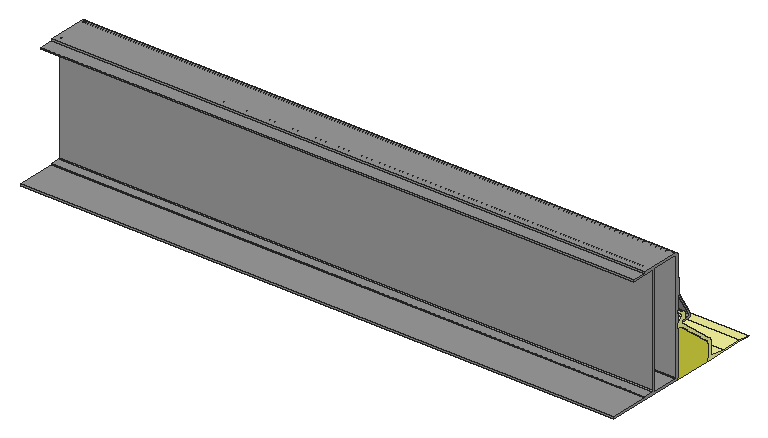
Revit family "HT S 150", category Generic Models, Revit 2014
Parameters (values of type "Max lintel length 3600mm")
  URL = "http://www.keystonelintels.co.uk"
  Structural Opening [instance] = 900 mm
  Structural Performance = "The Keystone lintel range has safe working loads as detailed in each applicable loading table in the Keystone Lintel Guide brochure. The structural performance figures within each table have been ascertained by testing in accordance with the requirements of standards BS EN 5977-2: 1983 and BS EN 845-2: 2003."
  RIBA Productor Selector = "available for Keystone Lintels Ltd from Keystone Lintels Ltd from ribaproductselector.com"
  Model = "HT/S 150"
  Min Length = 600 mm
  Min Clear Span = 300 mm
  Max Length = 3600 mm
  Max Clear Span = 3600 mm
  Material - Stainless Steel = "Grade 304 2b 1.4307 to BS EN 10088-2. Other grades available on request: contact manufacturer."
  Material - Galvanised Steel = "To BS EN 10346: 2009. DX51D plus Z600 or grade Z275 to BS 5977-2: 1983 (BS EN 845-2: 2003)."
  Manufacturer = "Keystone"
  Manufactured Length [instance] = (roundup(Effective Length / 150 mm) * 150 mm)  # 1200 mm
  Lintel height [instance] = 2100 mm
  Keynote = "F30/755"
  Fire Performance = "Keystone lintels have been subjected to a fire test (WARRES No. 101263) in accordance with BS 476-20: 1987, at Exova Warrington Fire and achieved a one hour fire performance."
  End Bearing = 150 mm
  Effective Length [instance] = Clear Opening with MIN MAX set + End Bearing * 2  # 1200 mm
  Corrosion = "Keystone’s standard range of lintels are manufactured from high quality grade pre-galvanized carbon steel with a zinc coating of 600"
  Contact Tel = "+44 (0)28 8676 2184"
  Contact Email = "info@keystonelintels.co.uk"
  Clear Opening with MIN MAX set [instance] = if(Structural Opening < Min Clear Span, Min Clear Span, (if(Structural Opening > Max Clear Span, Max Clear Span, Structural Opening)))  # 900 mm
  CPD Information = "Available for Keystone Lintels Ltd from ribacpd.com"
Reference planes
  plane 1 "Center (Front/Back)": y = 0
  plane 2: z = 0
  plane 3 "Center (Left/Right)": x = 0
  plane 4: x = -600
  plane 5: x = 600
  plane 6: z = 2100
  plane 7: x = -450
  plane 8: x = 450
Forms (mm)
  Extrusion 1, solid, material "Steel"
    sketch origin (0, 684.469, -495.729) x (0, 1, 0) y (0, 0, 1)
      loop
        line (-887.123, 2595.729) -> (-729.726, 2595.729)
        arc (-729.726, 2595.729) -> (-726.897, 2596.901) -> (-725.726, 2599.729) r 4
        line (-725.726, 2599.729) -> (-725.726, 2749.226) -> (-696.598, 2701.666)
        arc (-696.598, 2701.666) -> (-696.424, 2698.574) -> (-699.077, 2696.976) r 3
        line (-699.077, 2696.976) -> (-715.841, 2696.976) -> (-715.841, 2694.476) -> (-699.077, 2694.476)
        arc (-699.077, 2694.476) -> (-694.231, 2697.375) -> (-694.494, 2703.016) r 5.5
        line (-694.494, 2703.016) -> (-723.226, 2750.168) -> (-723.226, 2777.915) -> (-725.726, 2777.915) -> (-725.726, 2822.729)
        arc (-725.726, 2822.729) -> (-726.897, 2825.557) -> (-729.726, 2826.729) r 4
        line (-729.726, 2826.729) -> (-807.998, 2826.729) -> (-807.998, 2823.429) -> (-835.073, 2823.429) -> (-835.073, 2821.429) -> (-789.099, 2821.429)
        arc (-789.099, 2821.429) -> (-787.685, 2820.843) -> (-787.099, 2819.429) r 2
        line (-787.099, 2819.429) -> (-787.099, 2603.029)
        arc (-787.099, 2603.029) -> (-787.685, 2601.615) -> (-789.099, 2601.029) r 2
        line (-789.099, 2601.029) -> (-808.002, 2601.029) -> (-808.002, 2599.029) -> (-887.123, 2599.029) -> (-887.123, 2595.729)
      loop
        line (-729.026, 2600.229) -> (-729.026, 2822.229)
        arc (-729.026, 2822.229) -> (-729.377, 2823.078) -> (-730.226, 2823.429) r 1.2
        line (-730.226, 2823.429) -> (-789.099, 2823.429)
        arc (-789.099, 2823.429) -> (-786.282, 2822.269) -> (-785.099, 2819.461) r 4
        line (-785.099, 2819.461) -> (-785.099, 2603.029)
        arc (-785.099, 2603.029) -> (-786.271, 2600.201) -> (-789.099, 2599.029) r 4
        line (-789.099, 2599.029) -> (-730.226, 2599.029)
        arc (-730.226, 2599.029) -> (-729.377, 2599.38) -> (-729.026, 2600.229) r 1.2
    from -600 to 600
  Extrusion 2, solid, material "GRP"
    sketch origin (0, 684.469, -495.729) x (0, 1, 0) y (0, 0, 1)
      loop
        line (-567.492, 2595.729) -> (-547.139, 2593.753) -> (-546.85, 2596.739) -> (-567.347, 2598.729) -> (-608.932, 2598.729) -> (-639.622, 2602.188)
        arc (-639.622, 2602.188) -> (-641.553, 2603.158) -> (-642.331, 2605.174) r 3
        line (-642.331, 2605.174) -> (-642.331, 2628.455)
        arc (-642.331, 2628.455) -> (-643.294, 2632.736) -> (-645.997, 2636.192) r 10
        line (-645.997, 2636.192) -> (-715.248, 2692.889)
        arc (-715.248, 2692.889) -> (-715.8, 2693.482) -> (-716.173, 2694.201) r 3
        line (-716.173, 2694.201) -> (-716.173, 2698.21) -> (-708.212, 2698.21) -> (-708.212, 2708.634)
        arc (-708.212, 2708.634) -> (-709.246, 2712.295) -> (-712.042, 2714.875) r 7
        line (-712.042, 2714.875) -> (-725.658, 2721.792)
        arc (-725.658, 2721.792) -> (-726.714, 2721.697) -> (-727.092, 2720.706) r 1
        line (-727.092, 2720.706) -> (-726.131, 2715.863) -> (-716.896, 2711.172)
        arc (-716.896, 2711.172) -> (-715.029, 2708.626) -> (-715.971, 2705.613) r 3.5
        line (-715.971, 2705.613) -> (-725.131, 2696.181) -> (-725.131, 2690.589)
        arc (-725.131, 2690.589) -> (-724.546, 2689.175) -> (-723.131, 2688.589) r 2
        line (-723.131, 2688.589) -> (-718.557, 2688.589)
        arc (-718.557, 2688.589) -> (-684.469, 2662.53) -> (-652.412, 2634.009) r 576.819
        arc (-652.412, 2634.009) -> (-647.543, 2626.785) -> (-646.309, 2618.161) r 19.484
        line (-646.309, 2618.161) -> (-647.35, 2605.677) -> (-647.35, 2598.729)
        arc (-647.35, 2598.729) -> (-648.885, 2597.229) -> (-647.35, 2595.729) r 1.5
        line (-647.35, 2595.729) -> (-567.492, 2595.729)
    from -600 to 600
  Extrusion 3, solid, material "Insulation"
    sketch origin (0, 684.469, -495.729) x (0, 1, 0) y (0, 0, 1)
      loop
        line (-729.726, 2595.729) -> (-647.35, 2595.729)
        arc (-647.35, 2595.729) -> (-648.885, 2597.229) -> (-647.35, 2598.729) r 1.5
        line (-647.35, 2598.729) -> (-647.35, 2605.677) -> (-646.309, 2618.161)
        arc (-646.309, 2618.161) -> (-647.543, 2626.785) -> (-652.412, 2634.009) r 19.484
        arc (-652.412, 2634.009) -> (-684.469, 2662.53) -> (-718.557, 2688.589) r 576.819
        line (-718.557, 2688.589) -> (-725.726, 2688.589) -> (-725.726, 2599.729)
        arc (-725.726, 2599.729) -> (-726.897, 2596.901) -> (-729.726, 2595.729) r 4
    from -600 to 600
  Extrusion 4, solid, not visible
    sketch origin (0, 910.279, 1257.127) x (0, 1, 0) y (0, 0, 1)
      loop
        line (-567.492, 995.729) -> (-547.139, 993.753) -> (-546.85, 996.739) -> (-567.347, 998.729) -> (-608.932, 998.781) -> (-639.622, 1002.188)
        arc (-639.622, 1002.188) -> (-641.553, 1003.158) -> (-642.331, 1005.174) r 3
        line (-642.331, 1005.174) -> (-642.331, 1028.455)
        arc (-642.331, 1028.455) -> (-643.294, 1032.736) -> (-645.997, 1036.192) r 10
        line (-645.997, 1036.192) -> (-715.248, 1092.889)
        arc (-715.248, 1092.889) -> (-715.8, 1093.482) -> (-716.173, 1094.201) r 3
        line (-716.173, 1094.201) -> (-716.173, 1098.21) -> (-708.212, 1098.21) -> (-708.212, 1108.634)
        arc (-708.212, 1108.634) -> (-709.246, 1112.295) -> (-712.042, 1114.875) r 7
        line (-712.042, 1114.875) -> (-725.658, 1121.792)
        arc (-725.658, 1121.792) -> (-726.714, 1121.697) -> (-727.092, 1120.706) r 1
        line (-727.092, 1120.706) -> (-726.131, 1115.863) -> (-716.896, 1111.172)
        arc (-716.896, 1111.172) -> (-715.029, 1108.626) -> (-715.971, 1105.613) r 3.5
        line (-715.971, 1105.613) -> (-725.131, 1096.181) -> (-725.131, 1090.589)
        arc (-725.131, 1090.589) -> (-724.546, 1089.175) -> (-723.131, 1088.589) r 2
        line (-723.131, 1088.589) -> (-718.557, 1088.589)
        arc (-718.557, 1088.589) -> (-684.469, 1062.53) -> (-652.412, 1034.009) r 576.819
        arc (-652.412, 1034.009) -> (-647.543, 1026.785) -> (-646.309, 1018.161) r 19.484
        line (-646.309, 1018.161) -> (-647.35, 1005.677) -> (-647.35, 998.729)
        arc (-647.35, 998.729) -> (-648.885, 997.229) -> (-647.35, 995.729) r 1.5
        line (-647.35, 995.729) -> (-567.492, 995.729)
    from 0 to 250
  Extrusion 5, solid, not visible
    sketch origin (0, 575.311, 1208.058) x (0, 1, 0) y (0, 0, 1)
      loop
        line (-887.123, 995.729) -> (-729.726, 995.729)
        arc (-729.726, 995.729) -> (-726.897, 996.901) -> (-725.726, 999.729) r 4
        line (-725.726, 999.729) -> (-725.726, 1149.226) -> (-696.598, 1101.666)
        arc (-696.598, 1101.666) -> (-696.424, 1098.574) -> (-699.077, 1096.976) r 3
        line (-699.077, 1096.976) -> (-715.841, 1096.976) -> (-715.841, 1094.476) -> (-699.077, 1094.476)
        arc (-699.077, 1094.476) -> (-694.231, 1097.375) -> (-694.494, 1103.016) r 5.5
        line (-694.494, 1103.016) -> (-723.226, 1150.168) -> (-723.226, 1177.915) -> (-725.726, 1177.915) -> (-725.726, 1222.729)
        arc (-725.726, 1222.729) -> (-726.897, 1225.557) -> (-729.726, 1226.729) r 4
        line (-729.726, 1226.729) -> (-807.998, 1226.729) -> (-807.998, 1223.429) -> (-835.073, 1223.429) -> (-835.073, 1221.429) -> (-789.099, 1221.429)
        arc (-789.099, 1221.429) -> (-787.685, 1220.843) -> (-787.099, 1219.429) r 2
        line (-787.099, 1219.429) -> (-787.099, 1003.029)
        arc (-787.099, 1003.029) -> (-787.685, 1001.615) -> (-789.099, 1001.029) r 2
        line (-789.099, 1001.029) -> (-808.002, 1001.029) -> (-808.002, 999.029) -> (-887.123, 999.029) -> (-887.123, 995.729)
      loop
        line (-729.026, 1000.229) -> (-729.026, 1222.229)
        arc (-729.026, 1222.229) -> (-729.377, 1223.078) -> (-730.226, 1223.429) r 1.2
        line (-730.226, 1223.429) -> (-789.099, 1223.429)
        arc (-789.099, 1223.429) -> (-786.282, 1222.269) -> (-785.099, 1219.461) r 4
        line (-785.099, 1219.461) -> (-785.099, 1003.029)
        arc (-785.099, 1003.029) -> (-786.271, 1000.201) -> (-789.099, 999.029) r 4
        line (-789.099, 999.029) -> (-730.226, 999.029)
        arc (-730.226, 999.029) -> (-729.377, 999.38) -> (-729.026, 1000.229) r 1.2
    from 0 to 250
  Extrusion 6, solid, not visible
    sketch origin (0, 947.689, 897.181) x (0, 1, 0) y (0, 0, 1)
      loop
        line (-729.726, 995.729) -> (-647.35, 995.729)
        arc (-647.35, 995.729) -> (-648.885, 997.229) -> (-647.35, 998.729) r 1.5
        line (-647.35, 998.729) -> (-647.35, 1005.677) -> (-646.309, 1018.161)
        arc (-646.309, 1018.161) -> (-647.543, 1026.785) -> (-652.412, 1034.009) r 19.484
        arc (-652.412, 1034.009) -> (-684.469, 1062.53) -> (-718.557, 1088.589) r 576.819
        line (-718.557, 1088.589) -> (-725.726, 1088.589) -> (-725.726, 999.729)
        arc (-725.726, 999.729) -> (-726.897, 996.901) -> (-729.726, 995.729) r 4
    from 0 to 250
Dimensions and locks
  equal spacing: plane 4, plane 3 "Center (Left/Right)", plane 5
  "Manufactured Length": plane 4 to plane 5
  "Lintel height": plane 6 to level
  "Structural Opening": plane 7 to plane 8
  equal spacing: plane 7, plane 3 "Center (Left/Right)", plane 8
  aligned and locked: level to plane 2
  aligned and locked: Extrusion 2 to plane 6
  aligned and locked: Extrusion 3 to plane 6
  aligned and locked: Extrusion 1 to plane 6
  aligned and locked: plane 5 to Extrusion 1
  aligned and locked: Extrusion 1 to plane 4
  aligned and locked: plane 5 to Extrusion 2
  aligned and locked: Extrusion 2 to plane 4
  aligned and locked: plane 5 to Extrusion 3
  aligned and locked: Extrusion 3 to plane 4
Automatic sketch dimensions
  Extrusion 1 sketch curve to Extrusion 1 sketch curve = 157.397 mm
  Extrusion 1 sketch curve to Extrusion 1 sketch curve = 3.3 mm  (x2)
  Extrusion 1 sketch curve to Extrusion 1 sketch curve = 0.7 mm  (x2)
  Extrusion 1 sketch curve to Extrusion 1 sketch curve = 0.5 mm  (x3)
  Extrusion 1 sketch curve to Extrusion 1 sketch curve = 77.777 mm
  Extrusion 1 sketch curve to Extrusion 1 sketch curve = 2 mm  (x6)
  Extrusion 1 sketch curve to Extrusion 1 sketch curve = 18.903 mm
  Extrusion 1 sketch curve to Extrusion 1 sketch curve = 0.032 mm
  Extrusion 1 sketch curve to Extrusion 1 sketch curve = 0 mm  (x12)
  Extrusion 1 sketch curve to Extrusion 1 sketch curve = 78.277 mm
  Extrusion 1 sketch curve to Extrusion 1 sketch curve = 94.247 mm
  Extrusion 1 sketch curve to Extrusion 1 sketch curve = 2.5 mm  (x3)
  Extrusion 1 sketch curve to Extrusion 1 sketch curve = 16.764 mm
  Extrusion 1 sketch curve to Extrusion 1 sketch curve = 0.001 mm  (x2)
  Extrusion 1 sketch curve to Extrusion 1 sketch curve = 2.479 mm
  Extrusion 1 sketch curve to Extrusion 1 sketch curve = 1.69 mm
  Extrusion 1 sketch curve to Extrusion 1 sketch curve = 9.884 mm
  Extrusion 1 sketch curve to Extrusion 1 sketch curve = 2.104 mm
  Extrusion 1 sketch curve to Extrusion 1 sketch curve = 52.25 mm
  Extrusion 1 sketch curve to Extrusion 1 sketch curve = 0.941 mm
  Extrusion 1 sketch curve to Extrusion 1 sketch curve = 27.747 mm
  Extrusion 1 sketch curve to Extrusion 1 sketch curve = 73.502 mm
  Extrusion 1 sketch curve to Extrusion 1 sketch curve = 1.2 mm
  Extrusion 1 sketch curve to Extrusion 1 sketch curve = 45.974 mm
  Extrusion 1 sketch curve to Extrusion 1 sketch curve = 18.899 mm
  Extrusion 1 sketch curve to Extrusion 1 sketch curve = 4 mm
  Extrusion 2 sketch curve to Extrusion 2 sketch curve = 20.353 mm
  Extrusion 2 sketch curve to Extrusion 2 sketch curve = 0.29 mm
  Extrusion 2 sketch curve to Extrusion 2 sketch curve = 1.976 mm
  Extrusion 2 sketch curve to Extrusion 2 sketch curve = 2.986 mm  (x2)
  Extrusion 2 sketch curve to Extrusion 2 sketch curve = 0.145 mm
  Extrusion 2 sketch curve to Extrusion 2 sketch curve = 3 mm  (x3)
  Extrusion 2 sketch curve to Extrusion 2 sketch curve = 79.857 mm
  Extrusion 2 sketch curve to Extrusion 2 sketch curve = 38.418 mm
  Extrusion 2 sketch curve to Extrusion 2 sketch curve = 7.727 mm
  Extrusion 2 sketch curve to Extrusion 2 sketch curve = 6.459 mm
  Extrusion 2 sketch curve to Extrusion 2 sketch curve = 0.035 mm  (x2)
  Extrusion 2 sketch curve to Extrusion 2 sketch curve = 1.5 mm
  Extrusion 2 sketch curve to Extrusion 2 sketch curve = 6.948 mm
  Extrusion 2 sketch curve to Extrusion 2 sketch curve = 0.291 mm
  Extrusion 2 sketch curve to Extrusion 2 sketch curve = 23.281 mm
  Extrusion 2 sketch curve to Extrusion 2 sketch curve = 3.978 mm
  Extrusion 2 sketch curve to Extrusion 2 sketch curve = 10.293 mm
  Extrusion 2 sketch curve to Extrusion 2 sketch curve = 19.416 mm
  Extrusion 2 sketch curve to Extrusion 2 sketch curve = 1.622 mm
  Extrusion 2 sketch curve to Extrusion 2 sketch curve = 10.081 mm
  Extrusion 2 sketch curve to Extrusion 2 sketch curve = 0.081 mm
  Extrusion 2 sketch curve to Extrusion 2 sketch curve = 6.415 mm
  Extrusion 2 sketch curve to Extrusion 2 sketch curve = 404.24 mm
  Extrusion 2 sketch curve to Extrusion 2 sketch curve = 378.106 mm
  Extrusion 2 sketch curve to Extrusion 2 sketch curve = 66.145 mm
  Extrusion 2 sketch curve to Extrusion 2 sketch curve = 3.308 mm
  Extrusion 2 sketch curve to Extrusion 2 sketch curve = 4.3 mm
  Extrusion 2 sketch curve to Extrusion 2 sketch curve = 4.575 mm
  Extrusion 2 sketch curve to Extrusion 2 sketch curve = 2 mm
  Extrusion 2 sketch curve to Extrusion 2 sketch curve = 5.592 mm
  Extrusion 2 sketch curve to Extrusion 2 sketch curve = 0.722 mm
  Extrusion 2 sketch curve to Extrusion 2 sketch curve = 12.724 mm
  Extrusion 2 sketch curve to Extrusion 2 sketch curve = 1.9 mm
  Extrusion 2 sketch curve to Extrusion 2 sketch curve = 2.321 mm
  Extrusion 2 sketch curve to Extrusion 2 sketch curve = 0.925 mm
  Extrusion 2 sketch curve to Extrusion 2 sketch curve = 5.136 mm
  Extrusion 2 sketch curve to Extrusion 2 sketch curve = 3.021 mm
  Extrusion 2 sketch curve to Extrusion 2 sketch curve = 2.511 mm
  Extrusion 2 sketch curve to Extrusion 2 sketch curve = 2.438 mm
  Extrusion 2 sketch curve to Extrusion 2 sketch curve = 1.585 mm
  Extrusion 2 sketch curve to Extrusion 2 sketch curve = 1.684 mm
  Extrusion 2 sketch curve to Extrusion 2 sketch curve = 4.854 mm
  Extrusion 2 sketch curve to Extrusion 2 sketch curve = 8.762 mm
  Extrusion 2 sketch curve to Extrusion 2 sketch curve = 10.62 mm
  Extrusion 2 sketch curve to Extrusion 2 sketch curve = 0.474 mm
  Extrusion 2 sketch curve to Extrusion 2 sketch curve = 5.928 mm
  Extrusion 2 sketch curve to Extrusion 2 sketch curve = 1.434 mm
  Extrusion 2 sketch curve to Extrusion 2 sketch curve = 1.086 mm
  Extrusion 2 sketch curve to Extrusion 2 sketch curve = 0.453 mm
  Extrusion 3 sketch curve to Extrusion 3 sketch curve = 0.035 mm  (x2)
  Extrusion 3 sketch curve to Extrusion 3 sketch curve = 1.5 mm
  Extrusion 3 sketch curve to Extrusion 3 sketch curve = 6.948 mm
  Extrusion 3 sketch curve to Extrusion 3 sketch curve = 1.04 mm
  Extrusion 3 sketch curve to Extrusion 3 sketch curve = 12.485 mm
  Extrusion 3 sketch curve to Extrusion 3 sketch curve = 19.416 mm
  Extrusion 3 sketch curve to Extrusion 3 sketch curve = 1.622 mm
  Extrusion 3 sketch curve to Extrusion 3 sketch curve = 6.103 mm
  Extrusion 3 sketch curve to Extrusion 3 sketch curve = 321.864 mm
  Extrusion 3 sketch curve to Extrusion 3 sketch curve = 378.106 mm
  Extrusion 3 sketch curve to Extrusion 3 sketch curve = 66.145 mm
  Extrusion 3 sketch curve to Extrusion 3 sketch curve = 0 mm
  Extrusion 3 sketch curve to Extrusion 3 sketch curve = 4 mm  (x2)
  Extrusion 3 sketch curve to Extrusion 3 sketch curve = 7.169 mm
  Extrusion 4 sketch curve to Extrusion 4 sketch curve = 20.353 mm
  Extrusion 4 sketch curve to Extrusion 4 sketch curve = 0.29 mm
  Extrusion 4 sketch curve to Extrusion 4 sketch curve = 1.976 mm
  Extrusion 4 sketch curve to Extrusion 4 sketch curve = 2.986 mm  (x2)
  Extrusion 4 sketch curve to Extrusion 4 sketch curve = 0.145 mm
  Extrusion 4 sketch curve to Extrusion 4 sketch curve = 3 mm  (x2)
  Extrusion 4 sketch curve to Extrusion 4 sketch curve = 79.857 mm
  Extrusion 4 sketch curve to Extrusion 4 sketch curve = 38.418 mm
  Extrusion 4 sketch curve to Extrusion 4 sketch curve = 3.052 mm
  Extrusion 4 sketch curve to Extrusion 4 sketch curve = 7.727 mm
  Extrusion 4 sketch curve to Extrusion 4 sketch curve = 6.459 mm
  Extrusion 4 sketch curve to Extrusion 4 sketch curve = 0.035 mm  (x2)
  Extrusion 4 sketch curve to Extrusion 4 sketch curve = 1.5 mm
  Extrusion 4 sketch curve to Extrusion 4 sketch curve = 6.948 mm
  Extrusion 4 sketch curve to Extrusion 4 sketch curve = 0.291 mm
  Extrusion 4 sketch curve to Extrusion 4 sketch curve = 23.281 mm
  Extrusion 4 sketch curve to Extrusion 4 sketch curve = 3.978 mm
  Extrusion 4 sketch curve to Extrusion 4 sketch curve = 10.293 mm
  Extrusion 4 sketch curve to Extrusion 4 sketch curve = 19.416 mm
  Extrusion 4 sketch curve to Extrusion 4 sketch curve = 1.622 mm
  Extrusion 4 sketch curve to Extrusion 4 sketch curve = 10.081 mm
  Extrusion 4 sketch curve to Extrusion 4 sketch curve = 0.081 mm
  Extrusion 4 sketch curve to Extrusion 4 sketch curve = 6.415 mm
  Extrusion 4 sketch curve to Extrusion 4 sketch curve = 404.24 mm
  Extrusion 4 sketch curve to Extrusion 4 sketch curve = 378.106 mm
  Extrusion 4 sketch curve to Extrusion 4 sketch curve = 66.145 mm
  Extrusion 4 sketch curve to Extrusion 4 sketch curve = 3.308 mm
  Extrusion 4 sketch curve to Extrusion 4 sketch curve = 4.3 mm
  Extrusion 4 sketch curve to Extrusion 4 sketch curve = 4.575 mm
  Extrusion 4 sketch curve to Extrusion 4 sketch curve = 2 mm
  Extrusion 4 sketch curve to Extrusion 4 sketch curve = 5.592 mm
  Extrusion 4 sketch curve to Extrusion 4 sketch curve = 0.722 mm
  Extrusion 4 sketch curve to Extrusion 4 sketch curve = 12.724 mm
  Extrusion 4 sketch curve to Extrusion 4 sketch curve = 1.9 mm
  Extrusion 4 sketch curve to Extrusion 4 sketch curve = 2.321 mm
  Extrusion 4 sketch curve to Extrusion 4 sketch curve = 0.925 mm
  Extrusion 4 sketch curve to Extrusion 4 sketch curve = 5.136 mm
  Extrusion 4 sketch curve to Extrusion 4 sketch curve = 3.021 mm
  Extrusion 4 sketch curve to Extrusion 4 sketch curve = 2.511 mm
  Extrusion 4 sketch curve to Extrusion 4 sketch curve = 2.438 mm
  Extrusion 4 sketch curve to Extrusion 4 sketch curve = 1.585 mm
  Extrusion 4 sketch curve to Extrusion 4 sketch curve = 1.684 mm
  Extrusion 4 sketch curve to Extrusion 4 sketch curve = 4.854 mm
  Extrusion 4 sketch curve to Extrusion 4 sketch curve = 8.762 mm
  Extrusion 4 sketch curve to Extrusion 4 sketch curve = 10.62 mm
  Extrusion 4 sketch curve to Extrusion 4 sketch curve = 0.474 mm
  Extrusion 4 sketch curve to Extrusion 4 sketch curve = 5.928 mm
  Extrusion 4 sketch curve to Extrusion 4 sketch curve = 1.434 mm
  Extrusion 4 sketch curve to Extrusion 4 sketch curve = 1.086 mm
  Extrusion 4 sketch curve to Extrusion 4 sketch curve = 0.453 mm
  Extrusion 5 sketch curve to Extrusion 5 sketch curve = 157.397 mm
  Extrusion 5 sketch curve to Extrusion 5 sketch curve = 3.3 mm  (x2)
  Extrusion 5 sketch curve to Extrusion 5 sketch curve = 0.7 mm  (x2)
  Extrusion 5 sketch curve to Extrusion 5 sketch curve = 0.5 mm  (x3)
  Extrusion 5 sketch curve to Extrusion 5 sketch curve = 77.777 mm
  Extrusion 5 sketch curve to Extrusion 5 sketch curve = 2 mm  (x6)
  Extrusion 5 sketch curve to Extrusion 5 sketch curve = 18.903 mm
  Extrusion 5 sketch curve to Extrusion 5 sketch curve = 0.032 mm
  Extrusion 5 sketch curve to Extrusion 5 sketch curve = 0 mm  (x12)
  Extrusion 5 sketch curve to Extrusion 5 sketch curve = 78.277 mm
  Extrusion 5 sketch curve to Extrusion 5 sketch curve = 94.247 mm
  Extrusion 5 sketch curve to Extrusion 5 sketch curve = 2.5 mm  (x3)
  Extrusion 5 sketch curve to Extrusion 5 sketch curve = 16.764 mm
  Extrusion 5 sketch curve to Extrusion 5 sketch curve = 0.001 mm  (x2)
  Extrusion 5 sketch curve to Extrusion 5 sketch curve = 2.479 mm
  Extrusion 5 sketch curve to Extrusion 5 sketch curve = 1.69 mm
  Extrusion 5 sketch curve to Extrusion 5 sketch curve = 9.884 mm
  Extrusion 5 sketch curve to Extrusion 5 sketch curve = 2.104 mm
  Extrusion 5 sketch curve to Extrusion 5 sketch curve = 52.25 mm
  Extrusion 5 sketch curve to Extrusion 5 sketch curve = 0.941 mm
  Extrusion 5 sketch curve to Extrusion 5 sketch curve = 27.747 mm
  Extrusion 5 sketch curve to Extrusion 5 sketch curve = 73.502 mm
  Extrusion 5 sketch curve to Extrusion 5 sketch curve = 1.2 mm
  Extrusion 5 sketch curve to Extrusion 5 sketch curve = 45.974 mm
  Extrusion 5 sketch curve to Extrusion 5 sketch curve = 18.899 mm
  Extrusion 5 sketch curve to Extrusion 5 sketch curve = 4 mm
  Extrusion 6 sketch curve to Extrusion 6 sketch curve = 0.035 mm  (x2)
  Extrusion 6 sketch curve to Extrusion 6 sketch curve = 1.5 mm
  Extrusion 6 sketch curve to Extrusion 6 sketch curve = 6.948 mm
  Extrusion 6 sketch curve to Extrusion 6 sketch curve = 1.04 mm
  Extrusion 6 sketch curve to Extrusion 6 sketch curve = 12.485 mm
  Extrusion 6 sketch curve to Extrusion 6 sketch curve = 19.416 mm
  Extrusion 6 sketch curve to Extrusion 6 sketch curve = 1.622 mm
  Extrusion 6 sketch curve to Extrusion 6 sketch curve = 6.103 mm
  Extrusion 6 sketch curve to Extrusion 6 sketch curve = 321.864 mm
  Extrusion 6 sketch curve to Extrusion 6 sketch curve = 378.106 mm
  Extrusion 6 sketch curve to Extrusion 6 sketch curve = 66.145 mm
  Extrusion 6 sketch curve to Extrusion 6 sketch curve = 0 mm
  Extrusion 6 sketch curve to Extrusion 6 sketch curve = 4 mm  (x2)
  Extrusion 6 sketch curve to Extrusion 6 sketch curve = 7.169 mm
  Extrusion 1 sketch curve to plane 6 = 0 mm
  plane 1 "Center (Front/Back)" to Extrusion 1 sketch curve = 202.654 mm
  Extrusion 3 sketch curve to plane 6 = 0 mm
  plane 1 "Center (Front/Back)" to Extrusion 3 sketch curve = 367.121 mm
  Extrusion 2 sketch curve to plane 6 = 0 mm
  plane 1 "Center (Front/Back)" to Extrusion 2 sketch curve = 367.121 mm
